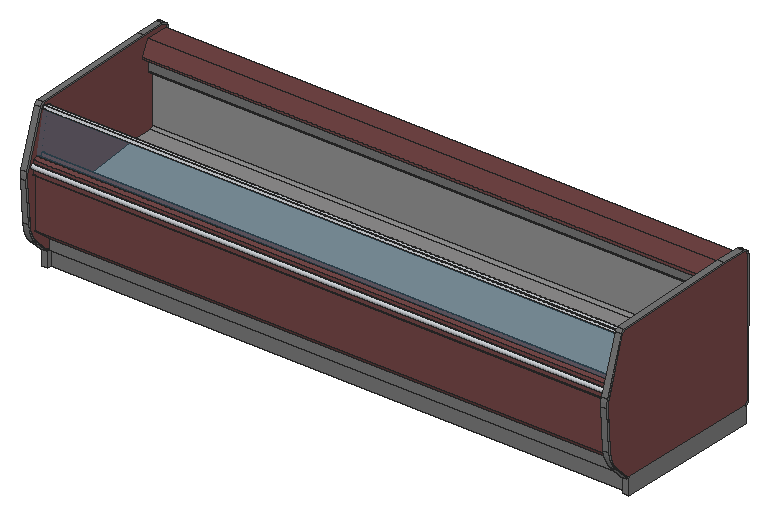
Revit family "OMM-NRG", category Mechanical Equipment, Revit 2017
Family settings
  Round Connector Dimension = Use Radius
  Part Type = Normal
  OmniClass Number = 23.40.40.11.17
  OmniClass Title = Refrigerated Cases
  Work Plane-Based = Yes
  Always vertical = Yes
  Cut with Voids When Loaded = No
  Shared = No
  Room Calculation Point = No
Parameters (values of type "OMM-NRG-12'")
  Width = 43 1/4"  # constant formula
  URL = "http://www.hillphoenix.com/?s=OUM"
  TOP REFRIGERATION PIPING = yes
  TOP ELECTRICAL = yes
  TOEKICK [instance] = BLACK PAINTED METAL
  Shelf distance = 48"
  STAINLESS STEEL = GALVANIZED STEEL
  SANITARY PIPE SIZE = DRAIN LINE DIAMETER / 2  # 3/4"
  Refgn = 8 5/8"
  Refrig Charge Lbs = "-"  # constant formula
  Ref Plane = 28 5/8"
  RT STD END = yes
  REFRIGERATION PIPING = COPPER PIPE
  SUCTION LINE RADIUS = SUCTION LINE DIAMETER / 2  # 1/4"
  SUCTION LINE DIAMETER = 1" / 2  # 1/2"
  SUCTION LINE CONNECTION = "SUCTION LINE CONNECTION"  # constant formula
  RUBBER BUMPER [instance] = BLACK
  REAR REFRIGERATION PIPING = yes
  PRESSURE REGULATOR = 0.00 psi  # constant formula
  POWER FACTOR = 0  # constant formula
  PAINTED METAL UPPER SHELF = PAINTED SHELVES
  PAINTED METAL INTERIOR [instance] = GALVANIZED STEEL
  PAINTED METAL EXTERIOR [instance] = CHARCOAL BROWN
  Number of Shelf = 3
  Number of Doors = 3
  Model = "OM"  # constant formula
  Manufacturer = "HILL PHOENIX"  # constant formula
  Load Mbh = 0  # constant formula
  Length = 144"
  Legend Number = Model  # "OM"
  LOAD 5 WATTAGE = 0 W  # constant formula
  LOAD 5 VOLTAGE = 120 V  # constant formula
  LOAD 5 POLES = 1
  LOAD 5 PLUG TYPE = "HARDWIRED"  # constant formula
  LOAD 5 DESCRIPTION = "DRAIN HEATER CONNECTION"  # constant formula
  LOAD 5 CLASSIFICATION = none
  LOAD 4 WATTAGE = 0 W
  LOAD 4 VOLTAGE = 208 V  # constant formula
  LOAD 4 POLES = 1
  LOAD 4 PLUG TYPE = "HARDWIRED"  # constant formula
  LOAD 4 DESCRIPTION = "DEFROST HEATER CONNECTION"  # constant formula
  LOAD 4 CLASSIFICATION = none
  LOAD 3 WATTAGE = 0 W
  LOAD 3 VOLTAGE = 120 V  # constant formula
  LOAD 3 POLES = 1
  LOAD 3 PLUG TYPE = "HARDWIRED"  # constant formula
  LOAD 3 DESCRIPTION = "ANTI-SWEAT CONNECTION"  # constant formula
  LOAD 3 CLASSIFICATION = Power
  LOAD 2 WATTAGE = 0 W
  LOAD 2 VOLTAGE = 120 V  # constant formula
  LOAD 2 POLES = 1
  LOAD 2 PLUG TYPE = "HARDWIRED"  # constant formula
  LOAD 2 DESCRIPTION = "HIGH EFFICIENCY FANS CONNECTION"  # constant formula
  LOAD 2 CLASSIFICATION = Motor
  LOAD 1 WATTAGE = 0 W
  LOAD 1 VOLTAGE = 120 V  # constant formula
  LOAD 1 POLES = 1
  LOAD 1 PLUG TYPE = "HARDWIRED"  # constant formula
  LOAD 1 DESCRIPTION = "LIGHTS - STANDARD POWER (SHELF or CORNICE)"  # constant formula
  LOAD 1 CLASSIFICATION = Lighting
  LIQUID LINE RADIUS = 3/16"  # constant formula
  LIQUID LINE DIAMETER = LIQUID LINE RADIUS * 2  # 3/8"
  LIQUID LINE CONNECTION = "LIQUID LINE CONNECTION"  # constant formula
  LIGHT AMPS = 0 A  # constant formula
  LF STD END = yes
  LEFT END [instance] = yes
  Keynote = ""  # constant formula
  Item Description = Description  # "Multi-Deck Merchandiser"
  Height = 75 1/2"  # constant formula
  HIGH EFFICIENCY FANS AMPS = 0 A  # constant formula
  GLASS = Glass
  Evap Temp = 0  # constant formula
  Ends = yes
  EQUIPMENT MARK = Legend Number  # "OM"
  EQUIPMENT DESCRIPTION = Item Description  # "Multi-Deck Merchandiser"
  END PANEL = none
  Door = Door 12' : OGM-12'
  Description = "Multi-Deck Merchandiser"  # constant formula
  Defrost Type = "TIMED-OFF DEFROST"  # constant formula
  Defrost Termination = "- °F"  # constant formula
  Defrost Num Day = 0  # constant formula
  Default Elevation = 48"
  DRIP PAN PLUMB TYPE = "HARD"  # constant formula
  DRAIN PIPING = yes
  DRAIN PIPE TYPE = "PVC"  # constant formula
  DRAIN LINE DIAMETER = 1 1/2"  # constant formula
  DRAIN LINE CONNECTION = "SANITARY CONNECTION"  # constant formula
  DRAIN HEATERS AMPS = 0 A  # constant formula
  DISCHARGE AIR VELOCITY = "-(FPM)"  # constant formula
  DISCHARGE AIR TEMP = 0 °F  # constant formula
  DESIGNERS NAME = "SHIDDRAMESH"  # constant formula
  DEFROST AMPS = 0 A  # constant formula
  DATE = "05/16/2017"  # constant formula
  Certifications = "NSF 7, UL471, CSA"  # constant formula
  CENTER LINE = 72"
  BUMPER [instance] = none
  BOTTOM REFRIGERATION PIPING = yes
  BOTTOM ELECTRICAL = yes
  BASE [instance] = BLACK PAINTED METAL
  Assembly Code = ""
  ANTI CON AMPS = 0 A  # constant formula
  8" Shelf = yes
  12" Shelf = yes
Types (7): name | URL | Ref Plane | Number of Doors | Length | Door | CENTER LINE
  OMM-NRG-8' | "http://www.hillphoenix.com/?s=OM" | 28 3/4" | 2 | 96" | Door 8' : OGM-8' | 48"
  OMM-NRG-12' | "http://www.hillphoenix.com/?s=OUM" | 28 5/8" | 3 | 144" | Door 12' : OGM-12' | 72"
  OMM-NRG-6' | "http://www.hillphoenix.com/?s=OM" | 28 3/4" | 2 | 72" | Door 6' : OGM-6' | 36"
  OMM-NRG-4' | "http://www.hillphoenix.com/?s=OM" | 28 3/4" | 2 | 48" | Door 6' : OGM-6' | 36"
  OM-6' | "http://www.hillphoenix.com/?s=OM" | 28 3/4" | 2 | 72" | Door 6' : OGM-6' | 36"
  OM-12' | "http://www.hillphoenix.com/?s=OUM" | 28 5/8" | 3 | 144" | Door 12' : OGM-12' | 72"
  OM-8' | "http://www.hillphoenix.com/?s=OM" | 28 3/4" | 2 | 96" | Door 8' : OGM-8' | 48"
Reference planes (in)
  plane 1: z = 0.01963
  plane 2 "LEFT": x = -96
  plane 3: z = 0
  plane 4: y = -18.93244
  plane 5: y = -62.18244
  plane 6: z = 75.5
  plane 7: y = -47.55744
  plane 8 "CASE RIGHT": x = 48
Forms (in)
  Extrusion 1, solid, material "BLACK PAINTED METAL" <- "BASE"
    sketch origin (-96, 0, -6.98522) x (0, 1, 0) y (0, 0, 1)
      loop
        line (-18.93244, 7.96522) -> (-18.93244, 11.91233) -> (-18.93244, 11.98497)
        arc (-18.93244, 11.98497) -> (-18.97359, 12.08432) -> (-19.07294, 12.12547) r 0.1405
        line (-19.07294, 12.12547) -> (-50.29194, 12.12547)
        arc (-50.29194, 12.12547) -> (-50.39129, 12.08432) -> (-50.43244, 11.98497) r 0.1405
        line (-50.43244, 11.98497) -> (-50.43244, 11.91233) -> (-50.43244, 7.96522) -> (-50.54144, 7.96522) -> (-50.54144, 7.20322)
        arc (-50.54144, 7.20322) -> (-50.47759, 7.04907) -> (-50.32344, 6.98522) r 0.218
        line (-50.32344, 6.98522) -> (-48.96394, 6.98522)
        arc (-48.96394, 6.98522) -> (-48.80979, 7.04907) -> (-48.74594, 7.20322) r 0.218
        line (-48.74594, 7.20322) -> (-48.74594, 7.96572) -> (-48.85494, 7.96572) -> (-48.85494, 7.20322)
        arc (-48.85494, 7.20322) -> (-48.88686, 7.12615) -> (-48.96394, 7.09422) r 0.109
        line (-48.96394, 7.09422) -> (-49.05744, 7.09422) -> (-49.05744, 9.93172) -> (-20.30744, 9.93172) -> (-20.30744, 7.09422) -> (-20.40094, 7.09422)
        arc (-20.40094, 7.09422) -> (-20.47801, 7.12615) -> (-20.50994, 7.20322) r 0.109
        line (-20.50994, 7.20322) -> (-20.50994, 7.96572) -> (-20.61894, 7.96572) -> (-20.61894, 7.20322)
        arc (-20.61894, 7.20322) -> (-20.55509, 7.04907) -> (-20.40094, 6.98522) r 0.218
        line (-20.40094, 6.98522) -> (-19.04144, 6.98522)
        arc (-19.04144, 6.98522) -> (-18.88729, 7.04907) -> (-18.82344, 7.20322) r 0.218
        line (-18.82344, 7.20322) -> (-18.82344, 7.96522) -> (-18.93244, 7.96522)
    from 0 to 144
  Extrusion 2, solid, material "BLACK" <- "RUBBER BUMPER"
    sketch origin (-96, -3.96614, -0.00752) x (0, 1, 0) y (0, 0, 1)
      loop
        line (-46.5913, 5.14777) -> (-50.6538, 5.14777) -> (-50.6538, 0.12378) -> (-49.3413, 0.12378) -> (-46.5913, 1.00092) -> (-46.5913, 5.14777)
      loop
        line (-50.989, 6.4566) -> (-51.16578, 6.59932) -> (-51.16578, 4.0788) -> (-50.989, 4.0788) -> (-50.989, 6.4566)
    from 0 to 144
  Extrusion 3, solid, material "CHARCOAL BROWN" <- "PAINTED METAL EXTERIOR"
    sketch origin (-96, 0.93125, 1.24642) x (0, 1, 0) y (0, 0, 1)
      loop
        line (-58.30024, 23.04082) -> (-58.30024, 25.5682)
        arc (-58.30024, 25.5682) -> (-58.3281, 25.64686) -> (-58.39925, 25.69046) r 0.125
        line (-58.39925, 25.69046) -> (-58.51768, 25.71564) -> (-59.02693, 23.31978) -> (-60.49415, 23.63165) -> (-60.04461, 25.74659) -> (-60.15128, 25.685)
        arc (-60.15128, 25.685) -> (-60.18085, 25.69247) -> (-60.21027, 25.68443) r 0.06
        line (-60.21027, 25.68443) -> (-61.06706, 25.18977)
        arc (-61.06706, 25.18977) -> (-61.08902, 25.16781) -> (-61.09706, 25.13781) r 0.06
        line (-61.09706, 25.13781) -> (-61.09706, 21.75789)
        arc (-61.09706, 21.75789) -> (-61.07918, 21.71473) -> (-61.03602, 21.69686) r 0.06104
        line (-61.03602, 21.69686) -> (-60.30779, 21.69686) -> (-60.30779, 23.04082) -> (-58.30024, 23.04082)
    from 0 to 144 <- "Length"
  Extrusion 4, solid, material "CHARCOAL BROWN" <- "PAINTED METAL EXTERIOR"
    sketch origin (-96, 0, -0.7565) x (0, 1, 0) y (0, 0, 1)
      loop
        line (-20.91182, 31.20736) -> (-20.91182, 32.45736) -> (-18.93244, 32.45736) -> (-18.93244, 38.806) -> (-24.41105, 38.806) -> (-26.06536, 35.41416) -> (-26.06536, 34.7838) -> (-24.37222, 34.7838) -> (-24.4566, 35.26235) -> (-23.47179, 35.436) -> (-23.09399, 31.11774) -> (-24.03729, 31.03521) -> (-24.06829, 31.3896) -> (-24.09917, 31.3869) -> (-24.06638, 31.0122) -> (-22.96044, 31.10896) -> (-22.96044, 31.20736) -> (-20.91182, 31.20736)
    from 0 to 144
  Extrusion 5, solid, material "BLACK" <- "RUBBER BUMPER"
    sketch origin (-156.5, 0.26692, -7.88374) x (0, 1, 0) y (0, 0, -1)
      loop
        line (-18.93244, -12.12547) -> (-18.93244, -7.88374) -> (-55.68244, -7.88374) -> (-55.68244, -12.12547) -> (-18.93244, -12.12547)
    from -60.5 to -59
  Extrusion 6, solid, material "BLACK" <- "RUBBER BUMPER"
    sketch origin (-96, -16.97164, -10.00338) x (0, 0.898794, -0.438371) y (0, 0.438371, 0.898794)
      loop
        line (-26.07414, 36.54479) -> (-24.01399, 33.11612) -> (-23.21039, 33.59897) -> (-25.27055, 37.02764) -> (-26.07414, 36.54479)
    from 0 to 144
  Extrusion 7, solid, material "Glass" <- "GLASS"
    sketch origin (-96, 0.375, -7.32124) x (0, 1, 0) y (0, 0, 1)
      loop
        line (-59.9379, 32.1993) -> (-58.47068, 31.88743) -> (-55.99709, 43.52474) -> (-57.46432, 43.83661) -> (-59.9379, 32.1993)
    from 0 to 144 <- "Length"
  Extrusion 8, solid, material "CHARCOAL BROWN" <- "PAINTED METAL EXTERIOR", visible <- "LF STD END"
    sketch origin (-96, 0, -7.88374) x (0, 1, 0) y (0, 0, 1)
      loop
        arc (-18.17023, 45.6264) -> (-18.53553, 46.50831) -> (-19.41744, 46.87361) r 1.24721
        line (-19.41744, 46.87361) -> (-25.57854, 46.87361) -> (-56.78638, 45.54525)
        arc (-56.78638, 45.54525) -> (-57.20434, 45.39603) -> (-57.46479, 45.03668) r 0.75
        line (-57.46479, 45.03668) -> (-61.77969, 32.30646)
        arc (-61.77969, 32.30646) -> (-61.99309, 31.38127) -> (-62.01821, 30.43211) r 4.75
        line (-62.01821, 30.43211) -> (-61.26258, 20.19164)
        arc (-61.26258, 20.19164) -> (-60.60164, 17.62025) -> (-59.08622, 15.44025) r 7.5
        line (-59.08622, 15.44025) -> (-55.75298, 12.10701) -> (-19.16531, 12.10701)
        arc (-19.16531, 12.10701) -> (-18.46168, 12.39847) -> (-18.17023, 13.1021) r 0.99508
        line (-18.17023, 13.1021) -> (-18.17023, 45.6264)
    from 0 to -1.5
  Extrusion 9, solid, material "CHARCOAL BROWN" <- "PAINTED METAL EXTERIOR"
    sketch origin (-96, 0, -7.88374) x (0, 1, 0) y (0, 0, 1)
      loop
        line (-20.91182, 39.58459) -> (-20.91182, 22.22849)
        arc (-20.91182, 22.22849) -> (-22.6139, 18.06094) -> (-26.72742, 16.23215) r 6.03269
        line (-26.72742, 16.23215) -> (-44.21134, 15.60284) -> (-45.88626, 14.38613) -> (-45.96317, 14.38345) -> (-46.48207, 14.08386) -> (-48.85707, 14.08386) -> (-49.18131, 14.27107) -> (-49.26533, 14.26813) -> (-51.21813, 15.35064)
        arc (-51.21813, 15.35064) -> (-55.59548, 17.03095) -> (-57.42753, 21.34699) r 6
        line (-57.42753, 21.34699) -> (-57.42753, 32.17097) -> (-59.54616, 32.17097) -> (-59.54616, 18.04666) -> (-53.32512, 13.02399) -> (-18.93711, 13.02399) -> (-18.93711, 39.58459) -> (-20.91182, 39.58459)
    from 0 to 144 <- "Length"
  Extrusion 10, solid, material "GALVANIZED STEEL" <- "PAINTED METAL INTERIOR"
    sketch origin (-96, 0, -7.88374) x (0, 1, 0) y (0, 0, 1)
      loop
        line (-22.96044, 38.33459) -> (-22.96044, 25.83459)
        arc (-22.96044, 25.83459) -> (-23.16754, 25.33459) -> (-23.66754, 25.12749) r 0.70711
        line (-23.66754, 25.12749) -> (-27.84863, 25.12749) -> (-51.17347, 22.26356) -> (-55.23855, 22.26356) -> (-55.23855, 32.84715) -> (-57.42753, 32.84715) -> (-57.42753, 21.34699)
        arc (-57.42753, 21.34699) -> (-55.59548, 17.03095) -> (-51.21813, 15.35064) r 6
        line (-51.21813, 15.35064) -> (-49.26533, 14.26813) -> (-49.18131, 14.27107) -> (-48.85707, 14.08386) -> (-46.48207, 14.08386) -> (-45.96317, 14.38345) -> (-45.88626, 14.38613) -> (-44.21134, 15.60284) -> (-26.72742, 16.23215)
        arc (-26.72742, 16.23215) -> (-22.6139, 18.06094) -> (-20.91182, 22.22849) r 6.03269
        line (-20.91182, 22.22849) -> (-20.91182, 38.33459) -> (-22.96044, 38.33459)
    from 0 to 144 <- "Length"
  Extrusion 11, solid, material "BLACK" <- "RUBBER BUMPER"
    sketch origin (-96, 0, -7.88374) x (0, 1, 0) y (0, 0, 1)
      loop
        arc (-18.17023, 13.1021) -> (-18.2914, 12.62621) -> (-18.6254, 12.26622) r 0.99508
        line (-18.6254, 12.26622) -> (-18.6254, 11.98017)
        arc (-18.6254, 11.98017) -> (-18.11116, 12.43953) -> (-17.92023, 13.1021) r 1.24508
        line (-17.92023, 13.1021) -> (-17.92023, 45.6264)
        arc (-17.92023, 45.6264) -> (-18.35875, 46.68509) -> (-19.41744, 47.12361) r 1.49721
        line (-19.41744, 47.12361) -> (-25.58386, 47.12361) -> (-56.79701, 45.79502)
        arc (-56.79701, 45.79502) -> (-57.3543, 45.59606) -> (-57.70156, 45.11694) r 1
        line (-57.70156, 45.11694) -> (-62.01646, 32.38671)
        arc (-62.01646, 32.38671) -> (-62.24109, 31.41282) -> (-62.26753, 30.41372) r 5
        line (-62.26753, 30.41372) -> (-61.5119, 20.17324)
        arc (-61.5119, 20.17324) -> (-60.82893, 17.51614) -> (-59.26299, 15.26347) r 7.75
        line (-59.26299, 15.26347) -> (-55.85654, 11.85701) -> (-55.39154, 11.85701) -> (-55.39154, 12.10701) -> (-55.75298, 12.10701) -> (-59.08622, 15.44025)
        arc (-59.08622, 15.44025) -> (-60.60164, 17.62025) -> (-61.26258, 20.19164) r 7.5
        line (-61.26258, 20.19164) -> (-62.01821, 30.43211)
        arc (-62.01821, 30.43211) -> (-61.99309, 31.38127) -> (-61.77969, 32.30646) r 4.75
        line (-61.77969, 32.30646) -> (-57.46479, 45.03668)
        arc (-57.46479, 45.03668) -> (-57.20434, 45.39603) -> (-56.78638, 45.54525) r 0.75
        line (-56.78638, 45.54525) -> (-25.57854, 46.87361) -> (-19.41744, 46.87361)
        arc (-19.41744, 46.87361) -> (-18.53553, 46.50831) -> (-18.17023, 45.6264) r 1.24721
        line (-18.17023, 45.6264) -> (-18.17023, 13.1021)
    from 0 to -1.5
  Extrusion 12, solid
    sketch origin (-96, 92.20778, 6.65636) x (0, 1, 0) y (0, 0, 1)
      loop
        line (-147.90481, 29.56073) -> (-147.81375, 29.54138)
        arc (-147.81375, 29.54138) -> (-147.77807, 29.54799) -> (-147.75752, 29.57789) r 0.04741
        line (-147.75752, 29.57789) -> (-147.6085, 30.27896)
        arc (-147.6085, 30.27896) -> (-147.61687, 30.32411) -> (-147.65472, 30.35012) r 0.06
        line (-147.65472, 30.35012) -> (-149.10727, 30.65887)
        arc (-149.10727, 30.65887) -> (-149.15242, 30.6505) -> (-149.17843, 30.61265) r 0.06
        line (-149.17843, 30.61265) -> (-149.32068, 29.9434)
        arc (-149.32068, 29.9434) -> (-149.30954, 29.88325) -> (-149.25912, 29.8486) r 0.07993
        line (-149.25912, 29.8486) -> (-149.21944, 29.84017) -> (-147.90481, 29.56073)
    from 0 to 144 <- "Length"
  Extrusion 13, solid, material "BLACK" <- "RUBBER BUMPER", not visible
    sketch origin (-60.5, 0.26692, 0) x (0, 1, 0) y (0, 0, -1)
      loop
        line (-18.93244, -12.12547) -> (-18.93244, -7.88374) -> (-55.68244, -7.88374) -> (-55.68244, -12.12547) -> (-18.93244, -12.12547)
    from -60.5 to -59
  Extrusion 14, solid, material "BLACK" <- "RUBBER BUMPER", not visible
    sketch origin (-156.5, 0.26692, -7.88374) x (0, 1, 0) y (0, 0, -1)
      loop
        line (-18.93244, -12.12547) -> (-18.93244, -7.88374) -> (-55.68244, -7.88374) -> (-55.68244, -12.12547) -> (-18.93244, -12.12547)
    from -60.5 to -59
  Extrusion 15, solid, material "CHARCOAL BROWN" <- "PAINTED METAL EXTERIOR", visible <- "LF STD END", not visible
    sketch origin (-96, 0, -7.88374) x (0, 1, 0) y (0, 0, 1)
      loop
        arc (-18.17023, 45.6264) -> (-18.53553, 46.50831) -> (-19.41744, 46.87361) r 1.24721
        line (-19.41744, 46.87361) -> (-25.57854, 46.87361) -> (-56.78638, 45.54525)
        arc (-56.78638, 45.54525) -> (-57.20434, 45.39603) -> (-57.46479, 45.03668) r 0.75
        line (-57.46479, 45.03668) -> (-61.77969, 32.30646)
        arc (-61.77969, 32.30646) -> (-61.99309, 31.38127) -> (-62.01821, 30.43211) r 4.75
        line (-62.01821, 30.43211) -> (-61.26258, 20.19164)
        arc (-61.26258, 20.19164) -> (-60.60164, 17.62025) -> (-59.08622, 15.44025) r 7.5
        line (-59.08622, 15.44025) -> (-55.75298, 12.10701) -> (-19.16531, 12.10701)
        arc (-19.16531, 12.10701) -> (-18.46168, 12.39847) -> (-18.17023, 13.1021) r 0.99508
        line (-18.17023, 13.1021) -> (-18.17023, 45.6264)
    from 0 to -1.5
  Extrusion 16, solid, material "BLACK" <- "RUBBER BUMPER", not visible
    sketch origin (-96, 0, -7.88374) x (0, 1, 0) y (0, 0, 1)
      loop
        arc (-18.17023, 13.1021) -> (-18.2914, 12.62621) -> (-18.6254, 12.26622) r 0.99508
        line (-18.6254, 12.26622) -> (-18.6254, 11.98017)
        arc (-18.6254, 11.98017) -> (-18.11116, 12.43953) -> (-17.92023, 13.1021) r 1.24508
        line (-17.92023, 13.1021) -> (-17.92023, 45.6264)
        arc (-17.92023, 45.6264) -> (-18.35875, 46.68509) -> (-19.41744, 47.12361) r 1.49721
        line (-19.41744, 47.12361) -> (-25.58386, 47.12361) -> (-56.79701, 45.79502)
        arc (-56.79701, 45.79502) -> (-57.3543, 45.59606) -> (-57.70156, 45.11694) r 1
        line (-57.70156, 45.11694) -> (-62.01646, 32.38671)
        arc (-62.01646, 32.38671) -> (-62.24109, 31.41282) -> (-62.26753, 30.41372) r 5
        line (-62.26753, 30.41372) -> (-61.5119, 20.17324)
        arc (-61.5119, 20.17324) -> (-60.82893, 17.51614) -> (-59.26299, 15.26347) r 7.75
        line (-59.26299, 15.26347) -> (-55.85654, 11.85701) -> (-55.39154, 11.85701) -> (-55.39154, 12.10701) -> (-55.75298, 12.10701) -> (-59.08622, 15.44025)
        arc (-59.08622, 15.44025) -> (-60.60164, 17.62025) -> (-61.26258, 20.19164) r 7.5
        line (-61.26258, 20.19164) -> (-62.01821, 30.43211)
        arc (-62.01821, 30.43211) -> (-61.99309, 31.38127) -> (-61.77969, 32.30646) r 4.75
        line (-61.77969, 32.30646) -> (-57.46479, 45.03668)
        arc (-57.46479, 45.03668) -> (-57.20434, 45.39603) -> (-56.78638, 45.54525) r 0.75
        line (-56.78638, 45.54525) -> (-25.57854, 46.87361) -> (-19.41744, 46.87361)
        arc (-19.41744, 46.87361) -> (-18.53553, 46.50831) -> (-18.17023, 45.6264) r 1.24721
        line (-18.17023, 45.6264) -> (-18.17023, 13.1021)
    from 0 to -1.5
  Extrusion 17, solid, material "BLACK" <- "RUBBER BUMPER"
    sketch origin (-11, 0.26692, -7.88374) x (0, 1, 0) y (0, 0, -1)
      loop
        line (-18.93244, -12.12547) -> (-18.93244, -7.88374) -> (-55.68244, -7.88374) -> (-55.68244, -12.12547) -> (-18.93244, -12.12547)
    from -60.5 to -59
  Extrusion 18, solid, material "CHARCOAL BROWN" <- "PAINTED METAL EXTERIOR", visible <- "LF STD END"
    sketch origin (49.5, 0, -7.88374) x (0, 1, 0) y (0, 0, 1)
      loop
        arc (-18.17023, 45.6264) -> (-18.53553, 46.50831) -> (-19.41744, 46.87361) r 1.24721
        line (-19.41744, 46.87361) -> (-25.57854, 46.87361) -> (-56.78638, 45.54525)
        arc (-56.78638, 45.54525) -> (-57.20434, 45.39603) -> (-57.46479, 45.03668) r 0.75
        line (-57.46479, 45.03668) -> (-61.77969, 32.30646)
        arc (-61.77969, 32.30646) -> (-61.99309, 31.38127) -> (-62.01821, 30.43211) r 4.75
        line (-62.01821, 30.43211) -> (-61.26258, 20.19164)
        arc (-61.26258, 20.19164) -> (-60.60164, 17.62025) -> (-59.08622, 15.44025) r 7.5
        line (-59.08622, 15.44025) -> (-55.75298, 12.10701) -> (-19.16531, 12.10701)
        arc (-19.16531, 12.10701) -> (-18.46168, 12.39847) -> (-18.17023, 13.1021) r 0.99508
        line (-18.17023, 13.1021) -> (-18.17023, 45.6264)
    from 0 to -1.5
  Extrusion 19, solid, material "BLACK" <- "RUBBER BUMPER"
    sketch origin (49.5, 0, -7.88374) x (0, 1, 0) y (0, 0, 1)
      loop
        arc (-18.17023, 13.1021) -> (-18.2914, 12.62621) -> (-18.6254, 12.26622) r 0.99508
        line (-18.6254, 12.26622) -> (-18.6254, 11.98017)
        arc (-18.6254, 11.98017) -> (-18.11116, 12.43953) -> (-17.92023, 13.1021) r 1.24508
        line (-17.92023, 13.1021) -> (-17.92023, 45.6264)
        arc (-17.92023, 45.6264) -> (-18.35875, 46.68509) -> (-19.41744, 47.12361) r 1.49721
        line (-19.41744, 47.12361) -> (-25.58386, 47.12361) -> (-56.79701, 45.79502)
        arc (-56.79701, 45.79502) -> (-57.3543, 45.59606) -> (-57.70156, 45.11694) r 1
        line (-57.70156, 45.11694) -> (-62.01646, 32.38671)
        arc (-62.01646, 32.38671) -> (-62.24109, 31.41282) -> (-62.26753, 30.41372) r 5
        line (-62.26753, 30.41372) -> (-61.5119, 20.17324)
        arc (-61.5119, 20.17324) -> (-60.82893, 17.51614) -> (-59.26299, 15.26347) r 7.75
        line (-59.26299, 15.26347) -> (-55.85654, 11.85701) -> (-55.39154, 11.85701) -> (-55.39154, 12.10701) -> (-55.75298, 12.10701) -> (-59.08622, 15.44025)
        arc (-59.08622, 15.44025) -> (-60.60164, 17.62025) -> (-61.26258, 20.19164) r 7.5
        line (-61.26258, 20.19164) -> (-62.01821, 30.43211)
        arc (-62.01821, 30.43211) -> (-61.99309, 31.38127) -> (-61.77969, 32.30646) r 4.75
        line (-61.77969, 32.30646) -> (-57.46479, 45.03668)
        arc (-57.46479, 45.03668) -> (-57.20434, 45.39603) -> (-56.78638, 45.54525) r 0.75
        line (-56.78638, 45.54525) -> (-25.57854, 46.87361) -> (-19.41744, 46.87361)
        arc (-19.41744, 46.87361) -> (-18.53553, 46.50831) -> (-18.17023, 45.6264) r 1.24721
        line (-18.17023, 45.6264) -> (-18.17023, 13.1021)
    from 0 to -1.5
  Extrusion 20, solid, material <- "BUMPER"
    sketch origin (-96, 0, 0) x (0, 1, 0) y (0, 0, 1)
      loop
        line (-60.16581, 25.6817) -> (-60.55739, 25.6817)
        arc (-60.55739, 25.6817) -> (-61.05739, 25.1817) -> (-60.55739, 24.6817) r 0.5
        line (-60.55739, 24.6817) -> (-60.16581, 24.6817) -> (-60.16581, 25.6817)
    from 0 to 144 <- "Length"
Lines and regions (in)
  symbolic lines
    curve 1: line (-96, -15.43733, 37.73861) -> (-96, -14.43733, 37.73861)
Dimensions and locks (in)
  "Height": plane 3 to plane 6
  "Ref Plane": plane 7 to plane 4
  Extrusion 5 to Extrusion 4 = 38.0495"
  "Length": plane 8 "CASE RIGHT" to plane 2 "LEFT"
  aligned and locked: plane 8 "CASE RIGHT" to Extrusion 4
  aligned and locked: plane 8 "CASE RIGHT" to Extrusion 6
  aligned and locked: plane 8 "CASE RIGHT" to Extrusion 2
  aligned and locked: plane 8 "CASE RIGHT" to Extrusion 1
  aligned and locked: Extrusion 19 to plane 8 "CASE RIGHT"
Automatic sketch dimensions
  curve 1 to plane 4 = 3.4951"
  curve 1 to curve 1 = 1"
  Extrusion 2 sketch curve to plane 5 = 7.05053"
  Extrusion 2 sketch curve to Extrusion 2 sketch curve = 0.17678"
  Extrusion 2 sketch curve to Extrusion 2 sketch curve = 0.3352"
  Extrusion 2 sketch curve to Extrusion 2 sketch curve = 1 5/16"
  Extrusion 2 sketch curve to Extrusion 2 sketch curve = 2 3/4"
  plane 1 to Extrusion 2 sketch curve = 0.09663"
  Extrusion 2 sketch curve to Extrusion 2 sketch curve = 0.87714"
  Extrusion 2 sketch curve to Extrusion 2 sketch curve = 3.95502"
  Extrusion 2 sketch curve to Extrusion 2 sketch curve = 1.06897"
  Extrusion 2 sketch curve to Extrusion 2 sketch curve = 1.30883"
  Extrusion 2 sketch curve to Extrusion 2 sketch curve = 0.14272"
  Extrusion 9 sketch curve to Extrusion 9 sketch curve = 2.11863"
  plane 7 to Extrusion 9 sketch curve = 5.76768"
  Extrusion 9 sketch curve to Extrusion 9 sketch curve = 2.10699"
  plane 7 to Extrusion 9 sketch curve = 1.70789"
  Extrusion 9 sketch curve to Extrusion 9 sketch curve = 0.08402"
  Extrusion 9 sketch curve to Extrusion 9 sketch curve = 0.32425"
  Extrusion 9 sketch curve to plane 7 = 1.07537"
  Extrusion 9 sketch curve to Extrusion 9 sketch curve = 0.5189"
  Extrusion 9 sketch curve to Extrusion 9 sketch curve = 0.07691"
  Extrusion 9 sketch curve to Extrusion 9 sketch curve = 1.67492"
  plane 4 to Extrusion 9 sketch curve = 8.01198"
  Extrusion 9 sketch curve to Extrusion 9 sketch curve = 0.217"
  plane 4 to Extrusion 9 sketch curve = 1.97938"
  plane 4 to Extrusion 9 sketch curve = 0.00468"
  Extrusion 9 sketch curve to Extrusion 9 sketch curve = 0.96451"
  Extrusion 9 sketch curve to Extrusion 9 sketch curve = 0.00269"
  Extrusion 9 sketch curve to Extrusion 9 sketch curve = 1.07957"
  Extrusion 9 sketch curve to Extrusion 9 sketch curve = 0.00293"
  Extrusion 9 sketch curve to Extrusion 9 sketch curve = 0.1872"
  Extrusion 9 sketch curve to Extrusion 9 sketch curve = 2.32666"
  Extrusion 9 sketch curve to Extrusion 9 sketch curve = 1.21671"
  Extrusion 9 sketch curve to Extrusion 9 sketch curve = 6.02878"
  Extrusion 9 sketch curve to Extrusion 9 sketch curve = 3.30032"
  Extrusion 12 sketch curve to plane 5 = 5.17078"
  Extrusion 12 sketch curve to Extrusion 12 sketch curve = 0.03968"
  Extrusion 12 sketch curve to Extrusion 12 sketch curve = 1.31463"
  Extrusion 12 sketch curve to Extrusion 12 sketch curve = 0.01662"
  Extrusion 12 sketch curve to Extrusion 12 sketch curve = 0.07819"  (x2)
  Extrusion 12 sketch curve to Extrusion 12 sketch curve = 0.14225"
  Extrusion 12 sketch curve to Extrusion 12 sketch curve = 0.05869"  (x3)
  Extrusion 12 sketch curve to Extrusion 12 sketch curve = 0.01247"  (x3)
  Extrusion 12 sketch curve to Extrusion 12 sketch curve = 0.25009"
  Extrusion 12 sketch curve to Extrusion 12 sketch curve = 0.14729"
  Extrusion 12 sketch curve to Extrusion 12 sketch curve = 0.04637"
  Extrusion 12 sketch curve to Extrusion 12 sketch curve = 0.00986"  (x2)
  Extrusion 1 sketch curve to Extrusion 1 sketch curve = 0"  (x4)
  plane 1 to Extrusion 1 sketch curve = 0.19837"
  Extrusion 1 sketch curve to plane 5 = 43.359"
  Extrusion 1 sketch curve to Extrusion 1 sketch curve = 0.109"  (x6)
  Extrusion 1 sketch curve to Extrusion 1 sketch curve = 0.218"  (x2)
  Extrusion 1 sketch curve to Extrusion 1 sketch curve = 0.1405"
  Extrusion 1 sketch curve to Extrusion 1 sketch curve = 1.2345"  (x2)
  Extrusion 1 sketch curve to Extrusion 1 sketch curve = 0.0935"
  plane 1 to Extrusion 1 sketch curve = 0.96087"
  Extrusion 1 sketch curve to Extrusion 1 sketch curve = 28.127"
  Extrusion 1 sketch curve to Extrusion 1 sketch curve = 0.2025"
  Extrusion 1 sketch curve to Extrusion 1 sketch curve = 1.266"
  Extrusion 1 sketch curve to Extrusion 1 sketch curve = 0.9805"
  Extrusion 1 sketch curve to Extrusion 1 sketch curve = 0.762"  (x2)
  Extrusion 1 sketch curve to Extrusion 1 sketch curve = 0.7625"
  Extrusion 1 sketch curve to Extrusion 1 sketch curve = 1.966"
  Extrusion 1 sketch curve to Extrusion 1 sketch curve = 1.98061"  (x2)
  Extrusion 1 sketch curve to Extrusion 1 sketch curve = 0.07264"
  Extrusion 5 sketch curve to Extrusion 5 sketch curve = 36 3/4"
  Extrusion 5 sketch curve to Extrusion 5 sketch curve = 4.24174"
  Extrusion 13 sketch curve to Extrusion 13 sketch curve = 36 3/4"
  Extrusion 13 sketch curve to Extrusion 13 sketch curve = 4.24174"
  Extrusion 4 sketch curve to plane 4 = 0"
  plane 4 to Extrusion 4 sketch curve = 1.97938"
  Extrusion 4 sketch curve to Extrusion 4 sketch curve = 2.04862"
  Extrusion 4 sketch curve to Extrusion 4 sketch curve = 0.13356"
  Extrusion 4 sketch curve to Extrusion 4 sketch curve = 2.55997"
  Extrusion 4 sketch curve to Extrusion 4 sketch curve = 0.94329"
  Extrusion 4 sketch curve to Extrusion 4 sketch curve = 0.0291"
  Extrusion 4 sketch curve to Extrusion 4 sketch curve = 0.031"
  Extrusion 4 sketch curve to Extrusion 4 sketch curve = 0.03087"
  Extrusion 4 sketch curve to Extrusion 4 sketch curve = 0.90043"
  Extrusion 4 sketch curve to Extrusion 4 sketch curve = 0.93925"
  Extrusion 4 sketch curve to Extrusion 4 sketch curve = 0.08438"
  Extrusion 4 sketch curve to Extrusion 4 sketch curve = 1.60876"
  Extrusion 4 sketch curve to Extrusion 4 sketch curve = 0.02301"
  Extrusion 4 sketch curve to Extrusion 4 sketch curve = 0.0984"
  Extrusion 4 sketch curve to Extrusion 4 sketch curve = 1 1/4"
  Extrusion 4 sketch curve to Extrusion 4 sketch curve = 0.6522"
  Extrusion 4 sketch curve to Extrusion 4 sketch curve = 0.63037"
  Extrusion 4 sketch curve to Extrusion 4 sketch curve = 3.37"
  plane 4 to Extrusion 6 sketch curve = 5.45431"
  Extrusion 6 sketch curve to Extrusion 6 sketch curve = 0.80359"
  Extrusion 6 sketch curve to Extrusion 6 sketch curve = 2.06015"
  Extrusion 6 sketch curve to Extrusion 6 sketch curve = 0.48285"  (x2)
  Extrusion 7 sketch curve to plane 5 = 2.61954"
  Extrusion 7 sketch curve to Extrusion 7 sketch curve = 1.46722"  (x2)
  Extrusion 7 sketch curve to plane 5 = 5.09312"
  Extrusion 10 sketch curve to plane 5 = 4.7549"
  Extrusion 10 sketch curve to Extrusion 10 sketch curve = 2.18899"
  plane 7 to Extrusion 10 sketch curve = 3.8701"
  plane 7 to Extrusion 10 sketch curve = 3.6607"
  Extrusion 10 sketch curve to Extrusion 10 sketch curve = 0.25407"
  plane 7 to Extrusion 10 sketch curve = 1.70789"
  Extrusion 10 sketch curve to Extrusion 10 sketch curve = 0.08402"
  Extrusion 10 sketch curve to Extrusion 10 sketch curve = 0.32425"
  Extrusion 10 sketch curve to plane 7 = 1.07537"
  Extrusion 10 sketch curve to Extrusion 10 sketch curve = 0.5189"
  Extrusion 10 sketch curve to Extrusion 10 sketch curve = 0.07691"
  Extrusion 10 sketch curve to Extrusion 10 sketch curve = 1.67492"
  plane 4 to Extrusion 10 sketch curve = 8.91619"
  Extrusion 10 sketch curve to Extrusion 10 sketch curve = 0.90421"
  Extrusion 10 sketch curve to Extrusion 10 sketch curve = 0.217"
  Extrusion 10 sketch curve to Extrusion 10 sketch curve = 4.18109"
  plane 4 to Extrusion 10 sketch curve = 4.028"
  plane 4 to Extrusion 10 sketch curve = 1.97938"
  plane 1 to Extrusion 10 sketch curve = 6.1805"
  Extrusion 10 sketch curve to Extrusion 10 sketch curve = 0.18427"
  Extrusion 10 sketch curve to Extrusion 10 sketch curve = 0.00293"
  Extrusion 10 sketch curve to Extrusion 10 sketch curve = 0.29958"
  Extrusion 10 sketch curve to Extrusion 10 sketch curve = 0.00269"
  Extrusion 10 sketch curve to Extrusion 10 sketch curve = 1.08251"
  Extrusion 10 sketch curve to Extrusion 10 sketch curve = 1.21671"
  plane 1 to Extrusion 10 sketch curve = 8.32878"
  Extrusion 10 sketch curve to Extrusion 10 sketch curve = 5.99634"
  Extrusion 10 sketch curve to Extrusion 10 sketch curve = 0.91657"
  Extrusion 10 sketch curve to Extrusion 10 sketch curve = 2.86655"
  Extrusion 3 sketch curve to plane 5 = 2.01663"
  Extrusion 3 sketch curve to Extrusion 3 sketch curve = 0.03"  (x2)
  Extrusion 3 sketch curve to Extrusion 3 sketch curve = 0.06"
  Extrusion 3 sketch curve to Extrusion 3 sketch curve = 0.06104"
  Extrusion 3 sketch curve to Extrusion 3 sketch curve = 0.5429"
  Extrusion 3 sketch curve to Extrusion 3 sketch curve = 0.18637"
  Extrusion 3 sketch curve to Extrusion 3 sketch curve = 0.85678"
  Extrusion 3 sketch curve to Extrusion 3 sketch curve = 0.05899"
  Extrusion 3 sketch curve to Extrusion 3 sketch curve = 0.10668"
  Extrusion 3 sketch curve to Extrusion 3 sketch curve = 1.28085"
  Extrusion 3 sketch curve to Extrusion 3 sketch curve = 1.52693"
  Extrusion 3 sketch curve to Extrusion 3 sketch curve = 0.09244"
  Extrusion 3 sketch curve to Extrusion 3 sketch curve = 0.11843"
  Extrusion 3 sketch curve to Extrusion 3 sketch curve = 1/8"
  Extrusion 3 sketch curve to Extrusion 3 sketch curve = 1.28293"
  Extrusion 3 sketch curve to Extrusion 3 sketch curve = 0.60879"
  Extrusion 3 sketch curve to Extrusion 3 sketch curve = 0.11412"
  Extrusion 3 sketch curve to Extrusion 3 sketch curve = 0.05196"
  plane 1 to curve 1 = 37.71898"
  plane 1 to Extrusion 3 sketch curve = 22.92364"
  Extrusion 3 sketch curve to Extrusion 3 sketch curve = 0.27896"
  Extrusion 3 sketch curve to Extrusion 3 sketch curve = 0.59082"
  Extrusion 3 sketch curve to Extrusion 3 sketch curve = 0.1784"
  Extrusion 3 sketch curve to Extrusion 3 sketch curve = 0.02517"
  plane 1 to Extrusion 4 sketch curve = 30.23607"
  plane 1 to Extrusion 6 sketch curve = 34.25339"
  level to Extrusion 7 sketch curve = 24.56619"
  Extrusion 7 sketch curve to Extrusion 7 sketch curve = 0.31187"
  plane 1 to Extrusion 9 sketch curve = 8.32878"
  Extrusion 9 sketch curve to Extrusion 9 sketch curve = 10.82399"
  Extrusion 9 sketch curve to Extrusion 9 sketch curve = 17.3561"
  Extrusion 10 sketch curve to Extrusion 10 sketch curve = 10.5836"
  Extrusion 10 sketch curve to Extrusion 10 sketch curve = 12 1/2"
  plane 1 to Extrusion 12 sketch curve = 36.17811"
  Extrusion 12 sketch curve to Extrusion 12 sketch curve = 0.01935"
  Extrusion 12 sketch curve to Extrusion 12 sketch curve = 0.27943"
  Extrusion 12 sketch curve to Extrusion 12 sketch curve = 0.00843"
  Extrusion 12 sketch curve to Extrusion 12 sketch curve = 0.70106"
  Extrusion 12 sketch curve to Extrusion 12 sketch curve = 0.67339"
  Extrusion 8 sketch curve to Extrusion 8 sketch curve = 4.73712"
  Extrusion 8 sketch curve to Extrusion 8 sketch curve = 0.67841"
  Extrusion 8 sketch curve to Extrusion 8 sketch curve = 0.71031"
  Extrusion 8 sketch curve to Extrusion 8 sketch curve = 3.33323"  (x2)
  Extrusion 8 sketch curve to Extrusion 8 sketch curve = 4.75139"
  Extrusion 8 sketch curve to Extrusion 8 sketch curve = 10.24048"
  Extrusion 8 sketch curve to Extrusion 8 sketch curve = 0.34954"
  Extrusion 8 sketch curve to Extrusion 8 sketch curve = 12.48947"
  Extrusion 8 sketch curve to Extrusion 8 sketch curve = 0.24076"
  Extrusion 8 sketch curve to Extrusion 8 sketch curve = 32.5243"
  Extrusion 11 sketch curve to Extrusion 11 sketch curve = 0"  (x20)
  Extrusion 11 sketch curve to Extrusion 11 sketch curve = 0.23677"  (x2)
  Extrusion 11 sketch curve to Extrusion 11 sketch curve = 0.24932"  (x2)
  Extrusion 11 sketch curve to Extrusion 11 sketch curve = 0.17678"  (x2)
  Extrusion 11 sketch curve to Extrusion 11 sketch curve = 4.73712"
  Extrusion 11 sketch curve to Extrusion 11 sketch curve = 0.66778"
  Extrusion 11 sketch curve to Extrusion 11 sketch curve = 0.01063"
  Extrusion 11 sketch curve to Extrusion 11 sketch curve = 0.71031"
  Extrusion 11 sketch curve to Extrusion 11 sketch curve = 3.40646"
  Extrusion 11 sketch curve to Extrusion 11 sketch curve = 0.10355"
  Extrusion 11 sketch curve to Extrusion 11 sketch curve = 0.36144"
  Extrusion 11 sketch curve to Extrusion 11 sketch curve = 0.00532"
  Extrusion 11 sketch curve to Extrusion 11 sketch curve = 1/4"  (x2)
  Extrusion 11 sketch curve to Extrusion 11 sketch curve = 3.15646"
  Extrusion 11 sketch curve to Extrusion 11 sketch curve = 4.73299"
  Extrusion 11 sketch curve to Extrusion 11 sketch curve = 10.24048"
  Extrusion 11 sketch curve to Extrusion 11 sketch curve = 0.0184"
  Extrusion 11 sketch curve to Extrusion 11 sketch curve = 0.34954"
  Extrusion 11 sketch curve to Extrusion 11 sketch curve = 12.48947"
  Extrusion 11 sketch curve to Extrusion 11 sketch curve = 0.24076"
  Extrusion 11 sketch curve to Extrusion 11 sketch curve = 0.08025"
  Extrusion 11 sketch curve to Extrusion 11 sketch curve = 32.5243"
  Extrusion 8 sketch curve to Extrusion 8 sketch curve = 0.23851"
  Extrusion 8 sketch curve to Extrusion 8 sketch curve = 0.75562"
  Extrusion 8 sketch curve to Extrusion 8 sketch curve = 2.17636"
  Extrusion 8 sketch curve to Extrusion 8 sketch curve = 4.31491"
  Extrusion 8 sketch curve to Extrusion 8 sketch curve = 7.47967"
  Extrusion 8 sketch curve to Extrusion 8 sketch curve = 31.20783"
  Extrusion 8 sketch curve to Extrusion 8 sketch curve = 6.1611"
  Extrusion 8 sketch curve to Extrusion 8 sketch curve = 0.25213"
  Extrusion 8 sketch curve to Extrusion 8 sketch curve = 0.99508"
  Extrusion 11 sketch curve to Extrusion 11 sketch curve = 0.00174"
  Extrusion 11 sketch curve to Extrusion 11 sketch curve = 0.75562"
  Extrusion 11 sketch curve to Extrusion 11 sketch curve = 1.99959"
  Extrusion 11 sketch curve to Extrusion 11 sketch curve = 4.31491"
  Extrusion 11 sketch curve to Extrusion 11 sketch curve = 7.47967"
  Extrusion 11 sketch curve to Extrusion 11 sketch curve = 31.21315"
  Extrusion 11 sketch curve to Extrusion 11 sketch curve = 6.1611"
  Extrusion 11 sketch curve to Extrusion 11 sketch curve = 0.25213"
  Extrusion 11 sketch curve to Extrusion 11 sketch curve = 0.53991"
  Extrusion 11 sketch curve to Extrusion 11 sketch curve = 1.24721"
  Extrusion 11 sketch curve to Extrusion 11 sketch curve = 8.76338"
  Extrusion 14 sketch curve to Extrusion 14 sketch curve = 36 3/4"
  Extrusion 14 sketch curve to Extrusion 14 sketch curve = 4.24174"
  Extrusion 15 sketch curve to Extrusion 15 sketch curve = 4.73712"
  Extrusion 15 sketch curve to Extrusion 15 sketch curve = 0.67841"
  Extrusion 15 sketch curve to Extrusion 15 sketch curve = 0.71031"
  Extrusion 15 sketch curve to Extrusion 15 sketch curve = 3.33323"  (x2)
  Extrusion 15 sketch curve to Extrusion 15 sketch curve = 4.75139"
  Extrusion 15 sketch curve to Extrusion 15 sketch curve = 10.24048"
  Extrusion 15 sketch curve to Extrusion 15 sketch curve = 0.34954"
  Extrusion 15 sketch curve to Extrusion 15 sketch curve = 12.48947"
  Extrusion 15 sketch curve to Extrusion 15 sketch curve = 0.24076"
  Extrusion 15 sketch curve to Extrusion 15 sketch curve = 32.5243"
  Extrusion 16 sketch curve to Extrusion 16 sketch curve = 0"  (x20)
  Extrusion 16 sketch curve to Extrusion 16 sketch curve = 0.23677"  (x2)
  Extrusion 16 sketch curve to Extrusion 16 sketch curve = 0.24932"  (x2)
  Extrusion 16 sketch curve to Extrusion 16 sketch curve = 0.17678"  (x2)
  Extrusion 16 sketch curve to Extrusion 16 sketch curve = 4.73712"
  Extrusion 16 sketch curve to Extrusion 16 sketch curve = 0.66778"
  Extrusion 16 sketch curve to Extrusion 16 sketch curve = 0.01063"
  Extrusion 16 sketch curve to Extrusion 16 sketch curve = 0.71031"
  Extrusion 16 sketch curve to Extrusion 16 sketch curve = 3.40646"
  Extrusion 16 sketch curve to Extrusion 16 sketch curve = 0.10355"
  Extrusion 16 sketch curve to Extrusion 16 sketch curve = 0.36144"
  Extrusion 16 sketch curve to Extrusion 16 sketch curve = 0.00532"
  Extrusion 16 sketch curve to Extrusion 16 sketch curve = 1/4"  (x2)
  Extrusion 16 sketch curve to Extrusion 16 sketch curve = 3.15646"
  Extrusion 16 sketch curve to Extrusion 16 sketch curve = 4.73299"
  Extrusion 16 sketch curve to Extrusion 16 sketch curve = 10.24048"
  Extrusion 16 sketch curve to Extrusion 16 sketch curve = 0.0184"
  Extrusion 16 sketch curve to Extrusion 16 sketch curve = 0.34954"
  Extrusion 16 sketch curve to Extrusion 16 sketch curve = 12.48947"
  Extrusion 16 sketch curve to Extrusion 16 sketch curve = 0.24076"
  Extrusion 16 sketch curve to Extrusion 16 sketch curve = 0.08025"
  Extrusion 16 sketch curve to Extrusion 16 sketch curve = 32.5243"
  Extrusion 15 sketch curve to Extrusion 15 sketch curve = 0.23851"
  Extrusion 15 sketch curve to Extrusion 15 sketch curve = 0.75562"
  Extrusion 15 sketch curve to Extrusion 15 sketch curve = 2.17636"
  Extrusion 15 sketch curve to Extrusion 15 sketch curve = 4.31491"
  Extrusion 15 sketch curve to Extrusion 15 sketch curve = 7.47967"
  Extrusion 15 sketch curve to Extrusion 15 sketch curve = 31.20783"
  Extrusion 15 sketch curve to Extrusion 15 sketch curve = 6.1611"
  Extrusion 15 sketch curve to Extrusion 15 sketch curve = 0.25213"
  Extrusion 15 sketch curve to Extrusion 15 sketch curve = 0.99508"
  Extrusion 16 sketch curve to Extrusion 16 sketch curve = 0.00174"
  Extrusion 16 sketch curve to Extrusion 16 sketch curve = 0.75562"
  Extrusion 16 sketch curve to Extrusion 16 sketch curve = 1.99959"
  Extrusion 16 sketch curve to Extrusion 16 sketch curve = 4.31491"
  Extrusion 16 sketch curve to Extrusion 16 sketch curve = 7.47967"
  Extrusion 16 sketch curve to Extrusion 16 sketch curve = 31.21315"
  Extrusion 16 sketch curve to Extrusion 16 sketch curve = 6.1611"
  Extrusion 16 sketch curve to Extrusion 16 sketch curve = 0.25213"
  Extrusion 16 sketch curve to Extrusion 16 sketch curve = 0.53991"
  Extrusion 16 sketch curve to Extrusion 16 sketch curve = 1.24721"
  Extrusion 16 sketch curve to Extrusion 16 sketch curve = 8.76338"
  Extrusion 17 sketch curve to Extrusion 17 sketch curve = 36 3/4"
  Extrusion 17 sketch curve to Extrusion 17 sketch curve = 4.24174"
  Extrusion 18 sketch curve to Extrusion 18 sketch curve = 4.73712"
  Extrusion 18 sketch curve to Extrusion 18 sketch curve = 0.67841"
  Extrusion 18 sketch curve to Extrusion 18 sketch curve = 0.71031"
  Extrusion 18 sketch curve to Extrusion 18 sketch curve = 3.33323"  (x2)
  Extrusion 18 sketch curve to Extrusion 18 sketch curve = 4.75139"
  Extrusion 18 sketch curve to Extrusion 18 sketch curve = 10.24048"
  Extrusion 18 sketch curve to Extrusion 18 sketch curve = 0.34954"
  Extrusion 18 sketch curve to Extrusion 18 sketch curve = 12.48947"
  Extrusion 18 sketch curve to Extrusion 18 sketch curve = 0.24076"
  Extrusion 18 sketch curve to Extrusion 18 sketch curve = 32.5243"
  Extrusion 19 sketch curve to Extrusion 19 sketch curve = 0"  (x20)
  Extrusion 19 sketch curve to Extrusion 19 sketch curve = 0.23677"  (x2)
  Extrusion 19 sketch curve to Extrusion 19 sketch curve = 0.24932"  (x2)
  Extrusion 19 sketch curve to Extrusion 19 sketch curve = 0.17678"  (x2)
  Extrusion 19 sketch curve to Extrusion 19 sketch curve = 4.73712"
  Extrusion 19 sketch curve to Extrusion 19 sketch curve = 0.66778"
  Extrusion 19 sketch curve to Extrusion 19 sketch curve = 0.01063"
  Extrusion 19 sketch curve to Extrusion 19 sketch curve = 0.71031"
  Extrusion 19 sketch curve to Extrusion 19 sketch curve = 3.40646"
  Extrusion 19 sketch curve to Extrusion 19 sketch curve = 0.10355"
  Extrusion 19 sketch curve to Extrusion 19 sketch curve = 0.36144"
  Extrusion 19 sketch curve to Extrusion 19 sketch curve = 0.00532"
  Extrusion 19 sketch curve to Extrusion 19 sketch curve = 1/4"  (x2)
  Extrusion 19 sketch curve to Extrusion 19 sketch curve = 3.15646"
  Extrusion 19 sketch curve to Extrusion 19 sketch curve = 4.73299"
  Extrusion 19 sketch curve to Extrusion 19 sketch curve = 10.24048"
  Extrusion 19 sketch curve to Extrusion 19 sketch curve = 0.0184"
  Extrusion 19 sketch curve to Extrusion 19 sketch curve = 0.34954"
  Extrusion 19 sketch curve to Extrusion 19 sketch curve = 12.48947"
  Extrusion 19 sketch curve to Extrusion 19 sketch curve = 0.24076"
  Extrusion 19 sketch curve to Extrusion 19 sketch curve = 0.08025"
  Extrusion 19 sketch curve to Extrusion 19 sketch curve = 32.5243"
  Extrusion 18 sketch curve to Extrusion 18 sketch curve = 0.23851"
  Extrusion 18 sketch curve to Extrusion 18 sketch curve = 0.75562"
  Extrusion 18 sketch curve to Extrusion 18 sketch curve = 2.17636"
  Extrusion 18 sketch curve to Extrusion 18 sketch curve = 4.31491"
  Extrusion 18 sketch curve to Extrusion 18 sketch curve = 7.47967"
  Extrusion 18 sketch curve to Extrusion 18 sketch curve = 31.20783"
  Extrusion 18 sketch curve to Extrusion 18 sketch curve = 6.1611"
  Extrusion 18 sketch curve to Extrusion 18 sketch curve = 0.25213"
  Extrusion 18 sketch curve to Extrusion 18 sketch curve = 0.99508"
  Extrusion 19 sketch curve to Extrusion 19 sketch curve = 0.00174"
  Extrusion 19 sketch curve to Extrusion 19 sketch curve = 0.75562"
  Extrusion 19 sketch curve to Extrusion 19 sketch curve = 1.99959"
  Extrusion 19 sketch curve to Extrusion 19 sketch curve = 4.31491"
  Extrusion 19 sketch curve to Extrusion 19 sketch curve = 7.47967"
  Extrusion 19 sketch curve to Extrusion 19 sketch curve = 31.21315"
  Extrusion 19 sketch curve to Extrusion 19 sketch curve = 6.1611"
  Extrusion 19 sketch curve to Extrusion 19 sketch curve = 0.25213"
  Extrusion 19 sketch curve to Extrusion 19 sketch curve = 0.53991"
  Extrusion 19 sketch curve to Extrusion 19 sketch curve = 1.24721"
  Extrusion 19 sketch curve to Extrusion 19 sketch curve = 8.76338"
  Extrusion 20 sketch curve to plane 5 = 1.62505"
  Extrusion 20 sketch curve to Extrusion 20 sketch curve = 0.39158"
  plane 1 to Extrusion 20 sketch curve = 24.66207"
  Extrusion 20 sketch curve to Extrusion 20 sketch curve = 1/2"
